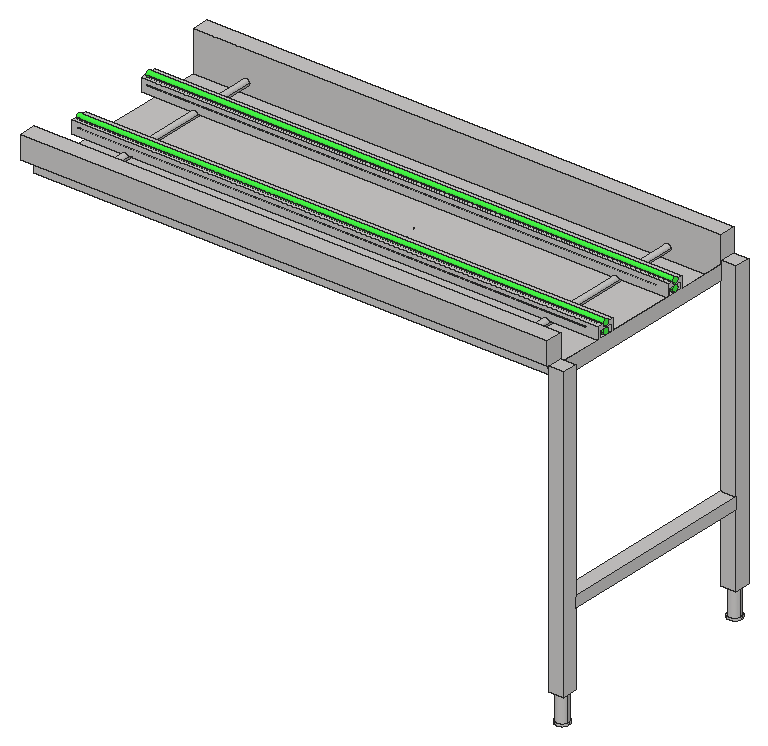
Revit family "QF_ELECTROLUXPROFESSIONAL_863152_HSBCC14", category Specialty Equipment, Revit 2018
Family settings
  Round Connector Dimension = Use Diameter
  Part Type = Normal
  Work Plane-Based = No
  Always vertical = Yes
  Cut with Voids When Loaded = No
  Shared = No
  Room Calculation Point = No
Parameters
  Weight = 0.00 kg
  Watts = 0 W
  Volts = 0 V
  URL Manufacturer = "http://professional.electrolux.com"
  URL = "http://professional.electrolux.com"
  Steam Supply Size = 0 mm
  Steam Supply Minimum Pressure = 0.0 Pa
  Steam Supply Maximum Pressure = 0.0 Pa
  Steam Pounds per Hour = 0
  Refrigeration Suction Line Size = 0 mm
  Refrigeration Liquid Line Size = 0 mm
  Refrigerant Compressor Remote = yes
  Manufacturer = "Electrolux"
  Phase = 0
  Model = "HSBCC14"
  Length Actual = 1400 mm  # constant formula
  Item Number = "863152"
  Hot Water Size = 0 mm
  Height Actual = 910 mm  # constant formula
  HP = "0 HP"
  Gas Size = 0 mm
  Gas KW = 0
  Gas Input Pressure = 0 W
  Description = "CORD CONVEYOR FOR BASKETS, L=1400 MM"
  Depth Actual = 620 mm  # constant formula
  Cycle = 0 Hz
  Condensate Return Size = 0 mm
  Compressed Air Volume = 0.0 L/s
  Compressed Air Size = 0 mm
  Compressed Air Pressure = 0.0 Pa
  Cold Water Size = 0 mm
  Accessory = yes
Reference planes
  plane 1 "Centro (Fronte/Retro)": y = 74.737
  plane 2: z = 0
  plane 3 "LEFT": x = -1838.761
  plane 4 "BACK": y = 384.737
  plane 5 "FRONT": y = -235.263
  plane 6: z = 910
  plane 7 "RIGHT": x = -438.761
  plane 8: x = -1138.761
Forms (mm)
  Extrusion 1, solid, material "QF_Finishes_Stainless Steel"
    sketch origin (11.239, 0, 0) x (0, 1, 0) y (0, 0, 1)
      loop
        line (-235.263, 910) -> (-235.263, 850.033) -> (-190.242, 850.033) -> (-190.242, 910) -> (-235.263, 910)
      loop
        line (384.737, 910) -> (339.716, 910) -> (339.716, 850.033) -> (384.737, 850.033) -> (384.737, 910)
    from -1850 to -451.2
  Extrusion 2, solid, material "QF_Finishes_Stainless Steel"
    sketch origin (11.239, 0, 0) x (0, 1, 0) y (0, 0, 1)
      loop
        line (-191.727, 850.033) -> (-191.727, 800.081) -> (341.245, 800.081) -> (341.245, 850.033) -> (339.716, 850.033) -> (339.716, 803.081) -> (-190.242, 803.081) -> (-190.242, 850.033) -> (-191.727, 850.033)
    from -1850 to -451.2
  Extrusion 3, solid, material "QF_Finishes_Stainless Steel"
    sketch origin (1061.239, 723.253, 4000) x (0, 1, 0) y (0, 0, 1)
      loop
        line (-958.516, -3090) -> (-958.516, -3149.967) -> (-934.752, -3185.632) -> (-915.4, -3185.632) -> (-915.4, -3199.919) -> (-381.633, -3199.919) -> (-381.633, -3185.632) -> (-362.281, -3185.632) -> (-338.516, -3149.967) -> (-338.516, -3090) -> (-383.538, -3090) -> (-383.538, -3161.926) -> (-913.495, -3161.926) -> (-913.495, -3090) -> (-958.516, -3090)
    from -1500 to -1501.2
  Extrusion 4, solid, material "QF_Finishes_Stainless Steel"
    sketch origin (-1477.522, 74.737, 0) x (-1, 0, 0) y (0, 0, -1)
      loop
        line (-1079.929, -300) -> (-1039.929, -300) -> (-1039.929, -270) -> (-1079.929, -270) -> (-1079.929, -300)
    from -266.504 to 266.46
  Revolve 5, solid, material "QF_Finishes_Stainless Steel"
    sketch origin (0, 74.737, 0) x (1, 0, 0) y (0, 0, 1)
      loop
        line (-1215.255, 800.081) -> (-1215.255, 786.333)
        arc (-1215.255, 786.333) -> (-1214.651, 784.73) -> (-1213.151, 783.903) r 2.474
        arc (-1213.151, 783.903) -> (-1209.843, 780.044) -> (-1213.138, 776.173) r 3.913
        arc (-1213.138, 776.173) -> (-1214.648, 775.341) -> (-1215.255, 773.728) r 2.49
        line (-1215.255, 773.728) -> (-1215.255, 733.404)
        arc (-1215.255, 733.404) -> (-1204.605, 702.706) -> (-1177.218, 685.219) r 49.516
        line (-1177.218, 685.219) -> (-1177.218, 682.73) -> (-1176.011, 681.079) -> (-1176.011, 679.492) -> (-1162.231, 673.492) -> (-1162.231, 638.761) -> (-1160.707, 637.3) -> (-1138.761, 637.3) -> (-1138.761, 800.081) -> (-1215.255, 800.081)
      axis (-1138.761, 800.081) -> (-1138.761, 637.3)
    angle from 0 to 360
  Extrusion 6, solid, material "QF_Finishes_Stainless Steel"
    sketch origin (0, 74.737, 0) x (1, 0, 0) y (0, 0, 1)
      loop
        circle (-1698.761, 831.05) r 8.5
    from -265 to 264.979
  Extrusion 7, solid, material "QF_Finishes_Stainless Steel"
    sketch origin (2140, 74.737, 0) x (1, 0, 0) y (0, 0, 1)
      loop
        circle (-2718.761, 831.05) r 8.5
    from -265 to 265
  Extrusion 8, solid, material "QF_Finishes_Stainless Steel"
    sketch origin (-438.761, 0, 0) x (0, 1, 0) y (0, 0, 1)
      loop
        line (-62.763, 869.045) -> (-62.763, 835.05) -> (-60.363, 835.05) -> (-60.363, 857.845) -> (-19.763, 857.845) -> (-19.763, 835.05) -> (-17.763, 835.05) -> (-17.763, 869.045) -> (-30.056, 869.045) -> (-35.275, 860.005) -> (-45.251, 860.005) -> (-50.47, 869.045) -> (-62.763, 869.045)
      loop
        line (212.237, 869.045) -> (199.944, 869.045) -> (194.725, 860.005) -> (184.749, 860.005) -> (179.53, 869.045) -> (167.237, 869.045) -> (167.237, 835.05) -> (169.237, 835.05) -> (169.237, 857.845) -> (209.837, 857.845) -> (209.837, 835.05) -> (212.237, 835.05) -> (212.237, 869.045)
    from 0 to -1400
  Extrusion 9, solid, material "QF_Finishes_Green"
    sketch origin (-438.761, 0, 0) x (0, 1, 0) y (0, 0, 1)
      loop
        circle (-40.263, 868.505) r 7.5
      loop
        circle (-40.263, 848.505) r 7.5
      loop
        circle (189.737, 868.505) r 7.5
      loop
        circle (189.737, 848.505) r 7.5
    from 0 to -1400
Cuts and joins
  joined: Extrusion 1, Extrusion 2, Extrusion 3, Extrusion 6, Extrusion 7, Extrusion 8
Lines and regions (mm)
  Split face 1
    outline origin (-673.782, -239.063, 803.081) x (0, 1, 0) y (-1, 0, 0)
      loop
        circle (313.8, 464.979) r 3
  Split face 2
    outline origin (-673.782, -239.063, 803.081) x (0, 1, 0) y (-1, 0, 0)
      loop
        circle (313.8, 464.979) r 9
  Split face 3
    outline origin (-673.782, -239.063, 803.081) x (0, 1, 0) y (-1, 0, 0)
      loop
        circle (313.8, 464.979) r 26
  Split face 4
    outline origin (-673.782, -239.063, 803.081) x (0, 1, 0) y (-1, 0, 0)
      loop
        circle (313.8, 464.979) r 36
  Split face 5
    outline origin (-673.782, -239.063, 803.081) x (0, 1, 0) y (-1, 0, 0)
      loop
        circle (313.8, 464.979) r 53
  symbolic lines
    curve 1: line (-438.761, 384.737, 0) -> (-1838.761, 384.737, 0)
    curve 2: line (-1838.761, 384.737, 0) -> (-1838.761, -235.263, 0)
    curve 3: line (-1838.761, 339.716, 0) -> (-438.761, 339.716, 0)
    curve 4: line (-1838.761, -235.263, 0) -> (-438.761, -235.263, 0)
    curve 5: line (-438.761, -235.263, 0) -> (-438.761, 384.737, 0)
    curve 6: line (-438.761, -190.242, 0) -> (-1838.761, -190.242, 0)
    curve 7: line (-1838.761, 74.737, 0) -> (-1808.761, 74.737, 0)
    curve 8: line (-438.761, 74.737, 0) -> (-468.761, 74.737, 0)
    curve 9: circle (-1138.761, 74.737, 0) r 23.47 normal (0, 0, 1)
    curve 10: line (-438.761, 212.237, 0) -> (-1838.761, 212.237, 0)
    curve 11: line (-1838.761, 167.237, 0) -> (-438.761, 167.237, 0)
    curve 12: line (-438.761, -17.763, 0) -> (-1838.761, -17.763, 0)
    curve 13: line (-1838.761, -62.763, 0) -> (-438.761, -62.763, 0)
    curve 14: line (-1838.761, -47.763, 0) -> (-438.761, -47.763, 0)
    curve 15: line (-1838.761, -32.763, 0) -> (-438.761, -32.763, 0)
    curve 16: line (-1838.761, 197.237, 0) -> (-438.761, 197.237, 0)
    curve 17: line (-1838.761, 182.237, 0) -> (-438.761, 182.237, 0)
    curve 18: line (-1707.261, 339.716, 0) -> (-1707.261, 212.237, 0)
    curve 19: line (-1690.261, 339.716, 0) -> (-1690.261, 212.237, 0)
    curve 20: line (-1690.261, 167.237, 0) -> (-1690.261, -17.763, 0)
    curve 21: line (-1707.261, 167.237, 0) -> (-1707.261, -17.763, 0)
    curve 22: line (-1707.261, -62.763, 0) -> (-1707.261, -190.242, 0)
    curve 23: line (-1690.261, -62.763, 0) -> (-1690.261, -190.242, 0)
    curve 24: line (-587.261, 339.716, 0) -> (-587.261, 212.237, 0)
    curve 25: line (-570.261, 339.716, 0) -> (-570.261, 212.237, 0)
    curve 26: line (-570.261, 167.237, 0) -> (-570.261, -17.763, 0)
    curve 27: line (-587.261, 167.237, 0) -> (-587.261, -17.763, 0)
    curve 28: line (-587.261, -62.763, 0) -> (-587.261, -190.242, 0)
    curve 29: line (-570.261, -62.763, 0) -> (-570.261, -190.242, 0)
Dimensions and locks
  plane 3 "LEFT" to plane 7 "RIGHT" = 1400 mm
  equal spacing: plane 4 "BACK", plane 1 "Centro (Fronte/Retro)", plane 5 "FRONT"
  plane 4 "BACK" to plane 5 "FRONT" = 620 mm
  equal spacing: plane 3 "LEFT", plane 8, plane 7 "RIGHT"
  locked: Extrusion 6 sketch curve to plane 3 "LEFT" at 140
  locked: plane 7 "RIGHT" to Extrusion 7 sketch curve at 140
  aligned and locked: level to plane 2
  aligned and locked: curve 9 to Revolve 5
  aligned and locked: plane 8 to Split face 5  (x2)
  aligned and locked: plane 8 to Split face 4  (x2)
  aligned and locked: plane 8 to cut or joined group of Extrusion 1, Extrusion 2, Extrusion 3, Extrusion 6, Extrusion 7, Extrusion 8  (x4)
  aligned and locked: plane 8 to Split face 3  (x2)
  aligned and locked: plane 8 to Split face 2  (x2)
  aligned and locked: plane 8 to Split face 1  (x2)
  aligned and locked: Extrusion 2 to plane 3 "LEFT"
  aligned and locked: Extrusion 1 to plane 3 "LEFT"
  aligned and locked: Extrusion 8 to plane 3 "LEFT"
  aligned and locked: cut or joined group of Extrusion 1, Extrusion 2, Extrusion 3, Extrusion 6, Extrusion 7, Extrusion 8 to plane 3 "LEFT"  (x2)
  aligned and locked: plane 3 "LEFT" to curve 6
  aligned and locked: plane 3 "LEFT" to curve 4
  aligned and locked: Extrusion 9 to plane 3 "LEFT"
Automatic sketch dimensions
  Extrusion 1 sketch curve to plane 5 "FRONT" = 0 mm
  Extrusion 1 sketch curve to plane 6 = 0 mm  (x2)
  Extrusion 1 sketch curve to plane 4 "BACK" = 0 mm
  plane 5 "FRONT" to Extrusion 1 sketch curve = 45.021 mm
  Extrusion 1 sketch curve to plane 4 "BACK" = 45.021 mm
  Extrusion 1 sketch curve to Extrusion 1 sketch curve = 59.967 mm  (x2)
  plane 5 "FRONT" to Extrusion 2 sketch curve = 43.536 mm
  Extrusion 2 sketch curve to Extrusion 2 sketch curve = 1.486 mm
  Extrusion 2 sketch curve to plane 4 "BACK" = 45.021 mm
  Extrusion 2 sketch curve to Extrusion 2 sketch curve = 1.529 mm
  Extrusion 2 sketch curve to plane 6 = 109.919 mm
  Extrusion 2 sketch curve to Extrusion 2 sketch curve = 3 mm
  Extrusion 2 sketch curve to Extrusion 2 sketch curve = 46.952 mm  (x2)
  Extrusion 3 sketch curve to plane 5 "FRONT" = 0 mm
  Extrusion 3 sketch curve to plane 6 = 0 mm  (x2)
  Extrusion 3 sketch curve to plane 4 "BACK" = 0 mm
  plane 5 "FRONT" to Extrusion 3 sketch curve = 23.764 mm
  Extrusion 3 sketch curve to Extrusion 3 sketch curve = 19.352 mm  (x2)
  plane 5 "FRONT" to Extrusion 3 sketch curve = 45.021 mm
  Extrusion 3 sketch curve to plane 4 "BACK" = 45.021 mm
  Extrusion 3 sketch curve to Extrusion 3 sketch curve = 1.905 mm
  Extrusion 3 sketch curve to Extrusion 3 sketch curve = 59.967 mm  (x2)
  Extrusion 3 sketch curve to Extrusion 3 sketch curve = 11.959 mm
  Extrusion 3 sketch curve to Extrusion 3 sketch curve = 23.706 mm  (x2)
  Extrusion 3 sketch curve to Extrusion 3 sketch curve = 14.287 mm
  Extrusion 4 sketch curve to plane 7 "RIGHT" = 41.168 mm
  Extrusion 4 sketch curve to plane 7 "RIGHT" = 1.168 mm
  Extrusion 4 sketch curve to level = 270 mm
  Extrusion 4 sketch curve to Extrusion 4 sketch curve = 30 mm
  Extrusion 6 sketch curve to plane 6 = 78.95 mm
  Extrusion 7 sketch curve to plane 6 = 78.95 mm
  plane 1 "Centro (Fronte/Retro)" to Extrusion 8 sketch curve = 137.5 mm
  Extrusion 8 sketch curve to Extrusion 8 sketch curve = 2.4 mm  (x2)
  Extrusion 8 sketch curve to plane 6 = 40.955 mm  (x3)
  Extrusion 8 sketch curve to Extrusion 8 sketch curve = 12.293 mm  (x2)
  Extrusion 8 sketch curve to Extrusion 8 sketch curve = 5.219 mm  (x4)
  Extrusion 8 sketch curve to Extrusion 8 sketch curve = 9.976 mm  (x2)
  Extrusion 8 sketch curve to Extrusion 8 sketch curve = 10.293 mm
  Extrusion 8 sketch curve to Extrusion 8 sketch curve = 2 mm  (x2)
  Extrusion 8 sketch curve to plane 1 "Centro (Fronte/Retro)" = 92.5 mm
  Extrusion 8 sketch curve to plane 6 = 49.995 mm
  Extrusion 8 sketch curve to Extrusion 8 sketch curve = 9.893 mm
  Extrusion 8 sketch curve to Extrusion 8 sketch curve = 11.2 mm
  Extrusion 8 sketch curve to Extrusion 8 sketch curve = 2.16 mm
  Extrusion 8 sketch curve to Extrusion 8 sketch curve = 22.795 mm  (x4)
  Extrusion 8 sketch curve to Extrusion 8 sketch curve = 9.04 mm  (x2)
  plane 1 "Centro (Fronte/Retro)" to Extrusion 9 sketch curve = 115 mm
  Extrusion 9 sketch curve to Extrusion 9 sketch curve = 0 mm  (x2)
  Extrusion 9 sketch curve to plane 1 "Centro (Fronte/Retro)" = 115 mm
  Extrusion 9 sketch curve to plane 6 = 61.495 mm  (x2)
  Extrusion 9 sketch curve to Extrusion 9 sketch curve = 20 mm  (x2)
  plane 1 "Centro (Fronte/Retro)" to curve 7 = 0 mm
  plane 1 "Centro (Fronte/Retro)" to curve 8 = 0 mm
  curve 15 to plane 7 "RIGHT" = 0 mm
  curve 4 to plane 5 "FRONT" = 0 mm
  curve 2 to plane 4 "BACK" = 0 mm
  plane 3 "LEFT" to curve 7 = 30 mm
  curve 18 to plane 4 "BACK" = 45.021 mm
  plane 3 "LEFT" to curve 18 = 131.5 mm
  plane 5 "FRONT" to curve 22 = 45.021 mm
  plane 3 "LEFT" to curve 22 = 131.5 mm
  curve 21 to curve 18 = 0 mm
  curve 18 to curve 19 = 17 mm
  curve 21 to curve 20 = 17 mm
  curve 22 to curve 23 = 17 mm
  curve 28 to plane 7 "RIGHT" = 148.5 mm
  curve 24 to plane 7 "RIGHT" = 148.5 mm
  curve 27 to curve 28 = 0 mm
  curve 27 to curve 26 = 17 mm
  curve 24 to curve 25 = 17 mm
  curve 28 to curve 29 = 17 mm
  curve 8 to plane 7 "RIGHT" = 30 mm
  curve 13 to curve 14 = 15 mm
  curve 14 to curve 15 = 15 mm
  curve 15 to curve 12 = 15 mm
  curve 11 to curve 17 = 15 mm
  curve 16 to curve 10 = 15 mm
  Revolve 5 sketch curve to plane 8 = 0 mm  (x2)
  Revolve 5 sketch curve to Revolve 5 sketch curve = 21.946 mm
  Revolve 5 sketch curve to Revolve 5 sketch curve = 1.524 mm
  Revolve 5 sketch curve to plane 8 = 26.978 mm
  Revolve 5 sketch curve to Revolve 5 sketch curve = 13.78 mm
  Revolve 5 sketch curve to Revolve 5 sketch curve = 1.206 mm
  Revolve 5 sketch curve to Revolve 5 sketch curve = 47.026 mm
  Revolve 5 sketch curve to Revolve 5 sketch curve = 0.016 mm  (x3)
  Revolve 5 sketch curve to Revolve 5 sketch curve = 0.976 mm
  Revolve 5 sketch curve to Revolve 5 sketch curve = 2.474 mm
  Revolve 5 sketch curve to Revolve 5 sketch curve = 2.49 mm
  Revolve 5 sketch curve to Revolve 5 sketch curve = 0 mm
  Revolve 5 sketch curve to plane 6 = 272.7 mm
  Revolve 5 sketch curve to Revolve 5 sketch curve = 1.461 mm
  Revolve 5 sketch curve to Revolve 5 sketch curve = 34.731 mm
  Revolve 5 sketch curve to Revolve 5 sketch curve = 6 mm
  Revolve 5 sketch curve to Revolve 5 sketch curve = 1.588 mm
  Revolve 5 sketch curve to Revolve 5 sketch curve = 1.651 mm
  Revolve 5 sketch curve to Revolve 5 sketch curve = 2.488 mm
  Revolve 5 sketch curve to Revolve 5 sketch curve = 48.167 mm
  Revolve 5 sketch curve to Revolve 5 sketch curve = 40.307 mm
  Revolve 5 sketch curve to Revolve 5 sketch curve = 6.326 mm
  Revolve 5 sketch curve to Revolve 5 sketch curve = 6.296 mm
  Revolve 5 sketch curve to Revolve 5 sketch curve = 13.748 mm
  Revolve 5 sketch curve to Revolve 5 sketch curve = 0.373 mm
  Revolve 5 sketch curve to Revolve 5 sketch curve = 38.557 mm
  plane 6 to Revolve 5 sketch curve = 8.743 mm
  cut or joined group of Extrusion 1, Extrusion 2, Extrusion 3, Extrusion 6, Extrusion 7, Extrusion 8 to Split face 1 sketch curve = 264.979 mm
  cut or joined group of Extrusion 1, Extrusion 2, Extrusion 3, Extrusion 6, Extrusion 7, Extrusion 8 to Split face 1 sketch curve = 698.8 mm
  cut or joined group of Extrusion 1, Extrusion 2, Extrusion 3, Extrusion 6, Extrusion 7, Extrusion 8 to Split face 2 sketch curve = 264.979 mm
  cut or joined group of Extrusion 1, Extrusion 2, Extrusion 3, Extrusion 6, Extrusion 7, Extrusion 8 to Split face 2 sketch curve = 698.8 mm
  cut or joined group of Extrusion 1, Extrusion 2, Extrusion 3, Extrusion 6, Extrusion 7, Extrusion 8 to Split face 3 sketch curve = 264.979 mm
  cut or joined group of Extrusion 1, Extrusion 2, Extrusion 3, Extrusion 6, Extrusion 7, Extrusion 8 to Split face 3 sketch curve = 698.8 mm
  cut or joined group of Extrusion 1, Extrusion 2, Extrusion 3, Extrusion 6, Extrusion 7, Extrusion 8 to Split face 4 sketch curve = 264.979 mm
  cut or joined group of Extrusion 1, Extrusion 2, Extrusion 3, Extrusion 6, Extrusion 7, Extrusion 8 to Split face 4 sketch curve = 698.8 mm
  cut or joined group of Extrusion 1, Extrusion 2, Extrusion 3, Extrusion 6, Extrusion 7, Extrusion 8 to Split face 5 sketch curve = 264.979 mm
  cut or joined group of Extrusion 1, Extrusion 2, Extrusion 3, Extrusion 6, Extrusion 7, Extrusion 8 to Split face 5 sketch curve = 698.8 mm
  curve 6 to curve 13 = 127.479 mm
  curve 20 to curve 19 = 45 mm
  curve 26 to plane 1 "Centro (Fronte/Retro)" = 92.5 mm
  radius of Extrusion 6 sketch curve = 8.5 mm
  radius of Extrusion 7 sketch curve = 8.5 mm
  radius of Extrusion 9 sketch curve = 7.5 mm  (x4)
  radius of Split face 1 sketch curve = 3 mm
  radius of Split face 2 sketch curve = 9 mm
  radius of Split face 3 sketch curve = 26 mm
  radius of Split face 4 sketch curve = 36 mm
  radius of Split face 5 sketch curve = 53 mm
Nested families
  nested 1: "Foot_40x40" at (-417.593, 361.245, 0) x (-1, 0, 0) z (0, 0, 1), type "Foot_40x40"
    with A 850.033 mm
  nested 2: "Foot_40x40" at (-417.593, -211.771, 0) x (-1, 0, 0) z (0, 0, 1), type "Foot_40x40"
    with A 850.033 mm
Connectors
  piping at (-1138.761, 74.737, 637.3), diameter 40
    settings: on Revolve 5, index 1, connector inside diameter 609.6 mm, connector length 0 mm, flow factor 0, pipe flow 0.0 L/s, pressure drop 0.0 Pa, fitting loss kfactor 0, connector angle 0.00°, fixture units 0, engagement length 0 mm, angle of deflection 0.00°, flow configuration 1, flow direction 2, fitting loss method 0, system type 16, joint type 0, gender type 0, connector reference index -1, connector utility 0, adjustable connector no, is connector primary yes, connector description "Drain"
Definition of nested family "Foot_40x40"
  Parameters
    A [instance] = 850 mm
  Reference planes
    plane 1 "Centro (Fronte/Retro)": y = 0
    plane 2: z = 0
    plane 3 "Centro (Sinistra/Destra)": x = 0
    plane 4: z = 850
  Forms (mm)
    Extrusion 1, solid
      sketch origin (0, 0, 0) x (1, 0, 0) y (0, 1, 0)
        loop
          circle (0, 0) r 18
      from 0 to 5
    Extrusion 2, solid
      sketch origin (0, 0, 5) x (1, 0, 0) y (0, 1, 0)
        loop
          circle (0, 0) r 15
      from 0 to 70
    Extrusion 3, solid
      sketch origin (0, 0, 75) x (1, 0, 0) y (0, 1, 0)
        loop
          line (-20, 20) -> (-20, -20) -> (20, -20) -> (20, 20) -> (-20, 20)
      from 0 to 775
  Dimensions and locks
    "A": plane 4 to plane 2
    aligned and locked: level to plane 2
    aligned and locked: plane 4 to Extrusion 3
    aligned and locked: Extrusion 1 to level
  Automatic sketch dimensions
    plane 1 "Centro (Fronte/Retro)" to Extrusion 1 sketch curve = 0 mm
    Extrusion 1 sketch curve to plane 3 "Centro (Sinistra/Destra)" = 0 mm
    Extrusion 3 sketch curve to Extrusion 3 sketch curve = 40 mm  (x2)
    radius of Extrusion 1 sketch curve = 18 mm
    radius of Extrusion 2 sketch curve to Extrusion 1 = 3 mm
